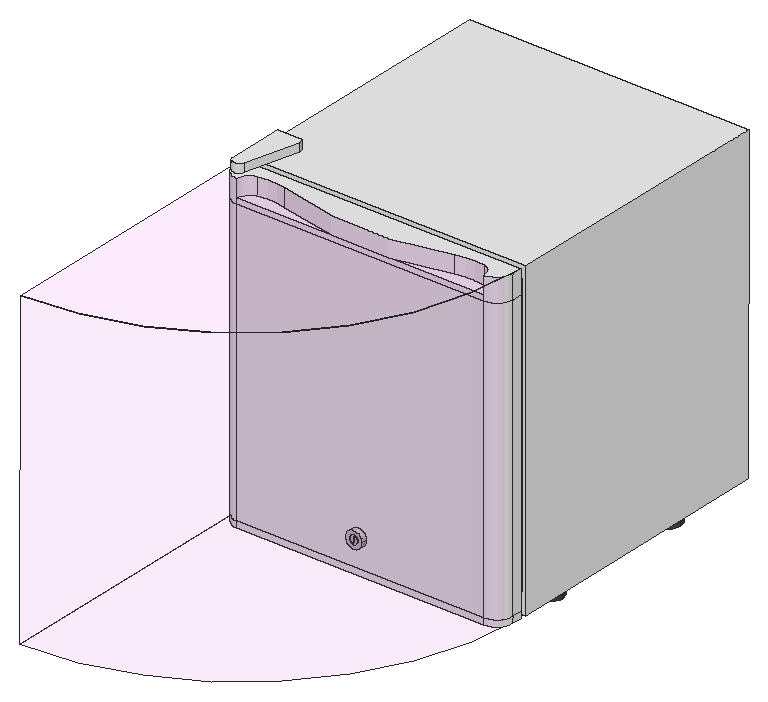
Revit family "QF_Summit_FFAR25L7_Compact_All_Refrigerator", category Specialty Equipment, Revit 2020
Family settings
  Round Connector Dimension = Use Diameter
  Part Type = Normal
  Work Plane-Based = No
  Always vertical = Yes
  Cut with Voids When Loaded = No
  Shared = No
  Room Calculation Point = No
Parameters
  Weight in Pounds = 55
  Watts = Volts * FL Amps  # 149.5 W
  Volts = 115 V
  URL Cutsheet = ""
  Specification by User = ""
  Specification by Manufacturer = ""
  Show RHD [instance] = not(Show LHD)  # yes
  Show LHD [instance] = no
  Show Clearance [instance] = yes
  Serial Number = ""
  Seismic Rating = ""
  SMACNA No = ""
  Revision Code = ""
  Refrigerant Volume = 0.00 kip
  Refrigerant Type = "R600a"
  Phase = 1
  Number of Poles = 1
  NAFEM Spec ID Number = ""
  Model = "FFAR25L7"
  Min Ckt Ampacity = 0 A
  Max Overcurrent Protection = 0 A
  Masterspec = ""
  Manufacturer = "Summit"
  Length = 17"
  Item Number = ""
  Installed By = ""
  Identify Quantity as Lot = yes
  Height = 20 1/4"
  HP = ""
  Furnished By = ""
  Foodservice Equipment Identifier = yes
  FL Amps = 1.3 A
  Electrical Remarks = ""
  Electric Connection Type = ""
  Elec Conn RI Height = 0"
  Elec Conn Connection Height = 0"
  Description = "Compact All Refrigerator"
  Depth = 19.13"
  Default Elevation = 0"
  Cycle = 60 Hz
  Conn Plug = ""
  Conn Conduit = yes
  CSI MasterFormat = ""
  BTUH = 0.0 Btu/h
  Apparent Power = 0 VA
Reference planes (in)
  plane 1 "BACK": y = 0
  plane 2: z = 0
  plane 3 "LEFT": x = 0
  plane 4 "RIGHT": x = 17
  plane 5 "FRONT": y = -19.13
  plane 6 "TOP": z = 20.25
  plane 7 "Center Y": x = 8.5
  plane 8 "Center X": y = -9.565
Dimensions and locks (in)
  equal spacing: plane 3 "LEFT", plane 7 "Center Y", plane 4 "RIGHT"
  "Length": plane 3 "LEFT" to plane 4 "RIGHT"
  equal spacing: plane 5 "FRONT", plane 8 "Center X", plane 1 "BACK"
  "Depth": plane 5 "FRONT" to plane 1 "BACK"
  "Height": plane 6 "TOP" to level
  aligned and locked: level to plane 2
Nested families (in)
  nested 1: "FFAR25L7" at (0, 0, 0), Show Clearance <- "Show Clearance", Show LHD <- "Show LHD", Show RHD <- "Show RHD", type "FFAR25L7"
    with Show RHD yes, Show LHD no, Show Clearance yes
Connectors (in)
  electrical at (8.5, 0.03125, 2.79411), driven by "Volts", driven by "Watts"
    settings: on nested 1, index 1, voltage 115 V, apparent load 149.5 VA, apparent load phase1 0 VA, apparent load phase2 0 VA, apparent load phase3 0 VA, power factor 1, load classification "Other", number of poles 1, system type 30, power factor state 1, is connector primary yes, connector utility no, sub classification motor no, connector description "ELECTRICAL CONNECTION"
Definition of nested family "FFAR25L7"
  Parameters (values of type "FFAR25L7")
    Weight in Pounds = 0
    URL Cutsheet = ""
    Specification by User = ""
    Specification by Manufacturer = ""
    Show RHD [instance] = yes
    Show LHD [instance] = yes
    Show Clearance [instance] = yes
    Serial Number = ""
    Seismic Rating = ""
    SMACNA No = ""
    Revision Code = ""
    NAFEM Spec ID Number = ""
    Masterspec = ""
    Length = 17"
    Item Number = ""
    Installed By = ""
    Identify Quantity as Lot = yes
    Height = 20 1/4"
    Furnished By = ""
    Foodservice Equipment Identifier = yes
    Depth = 17"
    Default Elevation = 0"
    CSI MasterFormat = ""
  Reference planes (in)
    plane 1 "BACK": y = 0
    plane 2: z = 0
    plane 3 "LEFT": x = 0
    plane 4 "RIGHT": x = 17
    plane 5 "FRONT": y = -17
    plane 6 "TOP": z = 20.25
    plane 7 "Center Y": x = 8.5
    plane 8 "Center X": y = -8.5
    plane 9: z = 20.75
    plane 10: y = -19.125
    plane 11: y = -34.25
    plane 12: z = 1.1607
  Forms (in)
    Extrusion 1, solid
      sketch origin (-1.96318, -180, 1.1607) x (-1, 0, 0) y (0, -1, 0)
        loop
          line (-1.96318, -180) -> (-1.96318, -163) -> (-18.96318, -163) -> (-18.96318, -180) -> (-1.96318, -180)
      from 0 to 19.0893
    Extrusion 2, solid
      sketch origin (-1.96318, -180, 2.37945) x (-1, 0, 0) y (0, -1, 0)
        loop
          line (-2.15789, -163) -> (-2.15789, -162.64311) -> (-18.76848, -162.64311) -> (-18.76848, -163) -> (-2.15789, -163)
      from 0 to 17.11934
    Extrusion 3, solid
      sketch origin (-1.96318, -180, 1.1607) x (0, -1, 0) y (-1, 0, 0)
        loop
          line (-162.64311, -1.96318) -> (-162.64311, -18.96318) -> (-162.05253, -18.96318)
          arc (-162.05253, -18.96318) -> (-161.36235, -18.68683) -> (-161.05365, -18.0105) r 1
          arc (-161.05365, -18.0105) -> (-160.875, -10.46318) -> (-161.05365, -2.91587) r 159.51291
          arc (-161.05365, -2.91587) -> (-161.36235, -2.23954) -> (-162.05253, -1.96318) r 1
          line (-162.05253, -1.96318) -> (-162.64311, -1.96318)
      from 0 to -0.38155
    Extrusion 4, solid
      sketch origin (-1.96318, -180, 1.54224) x (0, -1, 0) y (1, 0, 0)
        loop
          line (-162.64311, 1.96318) -> (-162.05253, 1.96318)
          arc (-162.05253, 1.96318) -> (-161.36235, 2.23954) -> (-161.05365, 2.91587) r 1
          arc (-161.05365, 2.91587) -> (-160.875, 10.46318) -> (-161.05365, 18.0105) r 159.51291
          arc (-161.05365, 18.0105) -> (-161.36235, 18.68683) -> (-162.05253, 18.96318) r 1
          line (-162.05253, 18.96318) -> (-162.64311, 18.96318) -> (-162.64311, 1.96318)
      from 0 to 17.30619
    Extrusion 5, solid
      sketch origin (-1.96318, -180, 18.84843) x (0, -1, 0) y (1, 0, 0)
        loop
          line (-162.64311, 1.96318) -> (-162.05253, 1.96318)
          arc (-162.05253, 1.96318) -> (-161.36235, 2.23954) -> (-161.05365, 2.91587) r 1
          arc (-161.05365, 2.91587) -> (-160.875, 10.46318) -> (-161.05365, 18.0105) r 159.51291
          arc (-161.05365, 18.0105) -> (-161.36235, 18.68683) -> (-162.05253, 18.96318) r 1
          line (-162.05253, 18.96318) -> (-162.64311, 18.96318) -> (-162.64311, 1.96318)
      from 0 to 1.40157
    Extrusion 6, void
      sketch origin (-1.96318, -180, 20.25) x (1, 0, 0) y (0, -1, 0)
        loop
          arc (2.91587, -161.05365) -> (3.10621, -161.54664) -> (3.55866, -161.81969) r 0.81619
          arc (3.55866, -161.81969) -> (4.4217, -161.893) -> (5.27501, -161.7444) r 3.37755
          arc (5.27501, -161.7444) -> (10.46318, -160.95765) -> (15.65136, -161.7444) r 17.5
          arc (15.65136, -161.7444) -> (16.50467, -161.893) -> (17.36771, -161.81969) r 3.37755
          arc (17.36771, -161.81969) -> (17.82016, -161.54664) -> (18.0105, -161.05365) r 0.81619
          line (18.0105, -161.05365) -> (18.0105, -160.55365) -> (2.91587, -160.55365) -> (2.91587, -161.05365)
      from 0 to 1.05569
    Extrusion 7, solid
      sketch origin (0, -17, 0) x (1, 0, 0) y (0, 0, 1)
        loop
          circle (8.5, 3.38429) r 0.5
        loop
          circle (8.5, 3.38429) r 0.25
      from 1.94635 to 2.44324
    Extrusion 8, solid
      sketch origin (-6.46255, -19.125, 48) x (-1, 0, 0) y (0, 0, 1)
        loop
          circle (-14.96255, -44.61571) r 0.25
        loop
          line (-14.93419, -44.42116) -> (-14.99166, -44.42116) -> (-14.99166, -44.80909) -> (-14.93419, -44.80909) -> (-14.93419, -44.42116)
      from 0 to -0.31824
    Extrusion 9, solid, visible <- "Show LHD"
      sketch origin (-1.96318, -180, 20.25) x (0, -1, 0) y (1, 0, 0)
        loop
          arc (-165.25922, 17.53629) -> (-165.1627, 17.33895) -> (-164.94767, 17.29399) r 0.25
          line (-164.94767, 17.29399) -> (-161.75679, 18.10455)
          arc (-161.75679, 18.10455) -> (-161.46705, 18.52914) -> (-161.85241, 18.86931) r 0.38836
          line (-161.85241, 18.86931) -> (-165.25922, 18.86931) -> (-165.25922, 17.53629)
      from 0 to 0.5
    Extrusion 10, solid, visible <- "Show LHD"
      sketch origin (-1.96318, -180, 1.1607) x (1, 0, 0) y (0, -1, 0)
        loop
          line (1.96362, -162.64309) -> (18.96338, -162.64309) -> (18.96338, -145.75236)
          arc (18.96338, -145.75236) -> (6.98122, -150.69297) -> (1.96362, -162.64309) r 17.00011
      from 0 to -19.0893
    Extrusion 11, solid
      sketch origin (0, 0, 1.1607) x (1, 0, 0) y (0, 0, -1)
        loop
          circle (8.5, -1.63341) r 0.25
      from 0 to 0.03125
    Revolve 12, solid
      sketch origin (-240, -13, 7.84766) x (0, 0, 1) y (-1, 0, 0)
        loop
          line (-6.68697, -241.60193) -> (-7.84766, -241.60193) -> (-7.84766, -242.26911) -> (-6.84766, -242.26911) -> (-6.84766, -241.85299) -> (-6.68697, -241.85299) -> (-6.68697, -241.60193)
        axis (-7.84766, -241.60193) -> (-6.68697, -241.60193)
      angle from 0 to 360
    Revolve 13, solid
      sketch origin (-240, -13, 7.84766) x (0, 0, 1) y (-1, 0, 0)
        loop
          line (-6.68697, -255.39807) -> (-6.68697, -255.14701) -> (-6.84766, -255.14701) -> (-6.84766, -254.73089) -> (-7.84766, -254.73089) -> (-7.84766, -255.39807) -> (-6.68697, -255.39807)
        axis (-7.84766, -255.39807) -> (-6.68697, -255.39807)
      angle from 0 to 360
    Revolve 14, solid
      sketch origin (-240, -4, 7.84766) x (0, 0, 1) y (1, 0, 0)
        loop
          line (-6.68697, 241.60193) -> (-6.68697, 241.85299) -> (-6.84766, 241.85299) -> (-6.84766, 242.26911) -> (-7.84766, 242.26911) -> (-7.84766, 241.60193) -> (-6.68697, 241.60193)
        axis (-7.84766, 241.60193) -> (-6.68697, 241.60193)
      angle from 0 to 360
    Revolve 15, solid
      sketch origin (-240, -4, 7.84766) x (0, 0, 1) y (1, 0, 0)
        loop
          line (-6.68697, 255.39807) -> (-7.84766, 255.39807) -> (-7.84766, 254.73089) -> (-6.84766, 254.73089) -> (-6.84766, 255.14701) -> (-6.68697, 255.14701) -> (-6.68697, 255.39807)
        axis (-7.84766, 255.39807) -> (-6.68697, 255.39807)
      angle from 0 to 360
    Extrusion 16, solid, visible <- "Show RHD"
      sketch origin (18.96318, -180, 1.1607) x (1, 0, 0) y (0, -1, 0)
        loop
          arc (-1.96362, -162.64309) -> (-6.98122, -150.69297) -> (-18.96338, -145.75236) r 17.00011
          line (-18.96338, -145.75236) -> (-18.96338, -162.64309) -> (-1.96362, -162.64309)
      from 0 to -19.0893
    Extrusion 17, solid, visible <- "Show RHD"
      sketch origin (18.96318, -180, 20.25) x (0, -1, 0) y (1, 0, 0)
        loop
          line (-165.25922, -17.53629) -> (-165.25922, -18.86931) -> (-161.85241, -18.86931)
          arc (-161.85241, -18.86931) -> (-161.46705, -18.52914) -> (-161.75679, -18.10455) r 0.38836
          line (-161.75679, -18.10455) -> (-164.94767, -17.29399)
          arc (-164.94767, -17.29399) -> (-165.1627, -17.33895) -> (-165.25922, -17.53629) r 0.25
      from 0 to 0.5
  Cuts and joins
    Extrusion 6 cuts Extrusion 3
    Extrusion 6 cuts Extrusion 4
    joined: Extrusion 4, Extrusion 7
    Extrusion 6 cuts Extrusion 5
  Lines and regions (in)
    symbolic lines
      curve 1: line (0, 0, 0) -> (17, 0, 0)
      curve 2: line (0, -17, 0) -> (0, 0, 0)
      curve 3: line (17, -17, 0) -> (16.90613, -17, 0)
      curve 4: line (17, 0, 0) -> (17, -17, 0)
      curve 11: line (17, -17.35691, 0) -> (16.90613, -17.35691, 0)
      curve 12: arc (0, -17.94747, 0) -> (0.27636, -18.63765, 0) -> (0.95269, -18.94635, 0) r 1
      curve 13: arc (0.95269, -18.94635, 0) -> (8.5, -19.125, 0) -> (16.04731, -18.94635, 0) r 159.51291
      curve 14: arc (0.95269, -18.94635, 0) -> (1.14302, -18.45336, 0) -> (1.59547, -18.18031, 0) r 0.81619
      curve 15: arc (1.59547, -18.18031, 0) -> (2.45852, -18.107, 0) -> (3.31183, -18.2556, 0) r 3.37755
      curve 16: arc (3.31183, -18.2556, 0) -> (8.5, -19.04235, 0) -> (13.68817, -18.2556, 0) r 17.5
      curve 17: arc (13.68817, -18.2556, 0) -> (14.54148, -18.107, 0) -> (15.40453, -18.18031, 0) r 3.37755
      curve 18: arc (15.40453, -18.18031, 0) -> (15.85698, -18.45336, 0) -> (16.04731, -18.94635, 0) r 0.81619
      curve 19: arc (16.04731, -18.94635, 0) -> (16.72364, -18.63765, 0) -> (17, -17.94747, 0) r 1
      curve 20: line (17, -17.94747, 0) -> (17, -17.35691, 0)
      curve 21: line (0, -17.35691, 0) -> (0, -17.94747, 0)
    symbolic lines, visible <- "Show LHD"
      curve 5: line (15.82556, -17, 0) -> (0, -17, 0)
      curve 6: line (15.3308, -15.05233, 0) -> (16.14137, -18.24321, 0)
      curve 7: arc (16.14137, -18.24321, 0) -> (16.56595, -18.53295, 0) -> (16.90613, -18.14759, 0) r 0.38836
      curve 8: line (16.90613, -18.14759, 0) -> (16.90613, -14.74078, 0)
      curve 9: line (16.90613, -14.74078, 0) -> (15.57311, -14.74078, 0)
      curve 10: arc (15.57311, -14.74078, 0) -> (15.37576, -14.8373, 0) -> (15.3308, -15.05233, 0) r 0.25
      curve 22: line (0.19471, -17, 0) -> (0.19471, -17.35691, 0)
      curve 23: line (15.91623, -17.35691, 0) -> (0, -17.35691, 0)
      curve 24: arc (2.32521, -25.8294, 0) -> (0.60605, -21.74593, 0) -> (0.00044, -17.35691, 0) r 17.00011
      curve 25: line (17, -17.35691, 0) -> (2.32521, -25.8294, 0)
    symbolic lines, visible <- "Show RHD"
      curve 26: line (1.6692, -15.05233, 0) -> (0.85863, -18.24321, 0)
      curve 27: arc (0.85863, -18.24321, 0) -> (0.43405, -18.53295, 0) -> (0.09387, -18.14759, 0) r 0.38836
      curve 28: line (0.09387, -18.14759, 0) -> (0.09387, -14.74078, 0)
      curve 29: line (0.09387, -14.74078, 0) -> (1.42689, -14.74078, 0)
      curve 30: arc (1.42689, -14.74078, 0) -> (1.62424, -14.8373, 0) -> (1.6692, -15.05233, 0) r 0.25
      curve 31: arc (14.67479, -25.8294, 0) -> (16.39395, -21.74593, 0) -> (16.99956, -17.35691, 0) r 17.00011
      curve 32: line (0, -17.35691, 0) -> (14.67479, -25.8294, 0)
      curve 33: line (1.17444, -17, 0) -> (17, -17, 0)
      curve 34: line (16.80529, -17, 0) -> (16.80529, -17.35691, 0)
      curve 35: line (1.08377, -17.35691, 0) -> (17, -17.35691, 0)
  Dimensions and locks (in)
    equal spacing: plane 3 "LEFT", plane 7 "Center Y", plane 4 "RIGHT"
    "Length": plane 3 "LEFT" to plane 4 "RIGHT"
    equal spacing: plane 5 "FRONT", plane 8 "Center X", plane 1 "BACK"
    "Depth": plane 5 "FRONT" to plane 1 "BACK"
    "Height": plane 6 "TOP" to level
    plane 9 to plane 6 "TOP" = 1/2"
    plane 1 "BACK" to plane 10 = 19 1/8"
    plane 1 "BACK" to plane 11 = 34 1/4"
    aligned and locked: level to plane 2
  Automatic sketch dimensions
    curve 21 to plane 3 "LEFT" = 0"
    curve 2 to plane 3 "LEFT" = 0"
    plane 5 "FRONT" to curve 22 = 0"
    plane 5 "FRONT" to curve 33 = 0"
    curve 16 to plane 7 "Center Y" = 0"
    curve 13 to plane 7 "Center Y" = 0"
    curve 20 to plane 4 "RIGHT" = 0"
    curve 4 to plane 4 "RIGHT" = 0"
    plane 1 "BACK" to curve 1 = 0"
    curve 31 to plane 3 "LEFT" = 0.00019"
    plane 3 "LEFT" to curve 28 = 0.09387"
    curve 28 to curve 27 = 0.38836"
    curve 27 to curve 26 = 0.3764"
    curve 26 to curve 12 = 0.14137"
    curve 28 to curve 30 = 1.33302"
    curve 30 to curve 26 = 0.2423"
    plane 10 to curve 14 = 0.14701"
    curve 26 to curve 14 = 0.90963"
    plane 3 "LEFT" to curve 15 = 2.31049"
    plane 3 "LEFT" to curve 25 = 2.32521"
    plane 4 "RIGHT" to curve 32 = 2.32521"
    plane 4 "RIGHT" to curve 17 = 2.31049"
    plane 10 to curve 18 = 0.14701"
    plane 4 "RIGHT" to curve 18 = 1.76826"
    plane 4 "RIGHT" to curve 6 = 1.6692"
    curve 10 to curve 9 = 0.2423"
    curve 19 to curve 20 = 1"
    curve 19 to curve 6 = 0.14137"
    curve 7 to curve 7 = 0.3764"
    plane 4 "RIGHT" to curve 9 = 0.09387"
    curve 24 to plane 4 "RIGHT" = 0.00019"
    curve 17 to plane 10 = 2.35631"
    curve 15 to plane 10 = 2.35631"
    curve 25 to curve 15 = 4.3481"
    curve 32 to curve 17 = 4.3481"
    plane 10 to curve 26 = 0.88179"
    plane 10 to curve 6 = 0.88179"
    curve 27 to curve 21 = 0.20012"
    plane 5 "FRONT" to curve 32 = 0.35691"
    plane 5 "FRONT" to curve 35 = 0.35691"
    curve 11 to curve 24 = 7/64"
    curve 21 to curve 31 = 7/64"
    curve 26 to plane 5 "FRONT" = 1.94767"
    curve 6 to plane 5 "FRONT" = 1.94767"
    curve 10 to curve 10 = 0.06155"
    curve 30 to curve 30 = 0.06155"
    plane 1 "BACK" to curve 16 = 1.54235"
    curve 13 to plane 1 "BACK" = 140.38791"
    curve 24 to curve 22 = 0.19427"
    curve 15 to curve 14 = 0"
    curve 16 to curve 15 = 0"
    curve 17 to curve 16 = 0"
    curve 34 to curve 3 = 0.10083"
    plane 1 "BACK" to Extrusion 1 sketch curve = 0"
    Extrusion 1 sketch curve to plane 4 "RIGHT" = 0"
    Extrusion 1 sketch curve to plane 3 "LEFT" = 0"
    plane 5 "FRONT" to Extrusion 1 sketch curve = 0"
    plane 5 "FRONT" to Extrusion 2 sketch curve = 0"
    plane 4 "RIGHT" to Extrusion 2 sketch curve = 0.19471"
    plane 3 "LEFT" to Extrusion 2 sketch curve = 0.19471"
    plane 5 "FRONT" to Extrusion 2 sketch curve = 0.35689"
    Extrusion 3 sketch curve to Extrusion 1 = 0"  (x2)
    Extrusion 1 to Extrusion 3 sketch curve = 8 1/2"
    Extrusion 3 sketch curve to Extrusion 1 = 140.38791"
    Extrusion 3 sketch curve to Extrusion 1 = 0.35689"
    Extrusion 3 sketch curve to Extrusion 3 sketch curve = 0.59058"  (x2)
    Extrusion 1 to Extrusion 3 sketch curve = 1"
    Extrusion 3 sketch curve to Extrusion 3 sketch curve = 1"
    Extrusion 3 sketch curve to Extrusion 3 sketch curve = 0"
    Extrusion 4 sketch curve to Extrusion 3 = 0"
    Extrusion 5 sketch curve to Extrusion 4 = 0"
    Extrusion 6 sketch curve to Extrusion 5 = 0.95269"
    Extrusion 6 sketch curve to Extrusion 6 sketch curve = 0.81557"  (x2)
    Extrusion 6 sketch curve to Extrusion 5 = 2.31049"  (x2)
    Extrusion 6 sketch curve to Extrusion 5 = 8 1/2"
    Extrusion 6 sketch curve to Extrusion 5 = 1.76826"
    Extrusion 6 sketch curve to Extrusion 5 = 4.12441"  (x2)
    Extrusion 6 sketch curve to Extrusion 5 = 2.08946"
    Extrusion 6 sketch curve to Extrusion 6 sketch curve = 0.46836"  (x2)
    Extrusion 6 sketch curve to Extrusion 6 sketch curve = 1/2"  (x2)
    Extrusion 5 to Extrusion 6 sketch curve = 15.81455"
    Extrusion 6 sketch curve to Extrusion 6 sketch curve = 0"  (x3)
    Extrusion 7 sketch curve to Extrusion 7 sketch curve = 0"  (x2)
    Extrusion 7 sketch curve to plane 7 "Center Y" = 0"
    plane 12 to Extrusion 7 sketch curve = 2.22359"
    Extrusion 8 sketch curve to Extrusion 8 sketch curve = 0"  (x2)
    Extrusion 8 sketch curve to plane 7 "Center Y" = 0"
    plane 7 "Center Y" to Extrusion 8 sketch curve = 0.02911"
    Extrusion 8 sketch curve to plane 7 "Center Y" = 0.02836"
    plane 12 to Extrusion 8 sketch curve = 2.03021"
    Extrusion 8 sketch curve to Extrusion 8 sketch curve = 0.19338"
    Extrusion 8 sketch curve to Extrusion 8 sketch curve = 0.19455"
    plane 7 "Center Y" to Extrusion 8 sketch curve = 1/4"
    Extrusion 9 sketch curve to Extrusion 5 = 0.09387"
    Extrusion 5 to Extrusion 9 sketch curve = 2.61611"
    Extrusion 9 sketch curve to Extrusion 9 sketch curve = 1/4"
    Extrusion 9 sketch curve to Extrusion 9 sketch curve = 0.06155"
    Extrusion 9 sketch curve to Extrusion 5 = 0.7907"
    Extrusion 9 sketch curve to Extrusion 9 sketch curve = 0.09562"
    Extrusion 9 sketch curve to Extrusion 9 sketch curve = 0.38836"
    Extrusion 9 sketch curve to Extrusion 9 sketch curve = 1.33302"
    Extrusion 3 to Extrusion 10 sketch curve = 0"
    Extrusion 3 to Extrusion 10 sketch curve = 0.00044"
    Extrusion 10 sketch curve to Extrusion 3 = 0.00019"
    Extrusion 10 sketch curve to Extrusion 10 sketch curve = 16.89073"
    Extrusion 1 to Extrusion 11 sketch curve = 1.63341"
    Extrusion 11 sketch curve to Extrusion 1 = 8 1/2"
    Revolve 12 sketch curve to level = 0"  (x2)
    Revolve 12 sketch curve to plane 12 = 0"
    Revolve 12 sketch curve to Revolve 12 sketch curve = 0.1607"
    plane 3 "LEFT" to Revolve 12 sketch curve = 2.26911"
    Revolve 12 sketch curve to Revolve 12 sketch curve = 0.41611"
    Revolve 12 sketch curve to Revolve 12 sketch curve = 0.66718"
    Revolve 12 sketch curve to Revolve 12 sketch curve = 1/2"
    Revolve 12 sketch curve to Revolve 12 sketch curve = 0"
    Revolve 13 sketch curve to level = 0"  (x2)
    Revolve 13 sketch curve to plane 12 = 0"
    Revolve 13 sketch curve to plane 12 = 0.1607"
    plane 4 "RIGHT" to Revolve 13 sketch curve = 1.60193"
    Revolve 13 sketch curve to Revolve 13 sketch curve = 0.25107"
    Revolve 13 sketch curve to Revolve 13 sketch curve = 0.66718"
    Revolve 13 sketch curve to Revolve 13 sketch curve = 1/2"
    Revolve 13 sketch curve to Revolve 13 sketch curve = 0"
    Revolve 14 sketch curve to level = 0"  (x2)
    Revolve 14 sketch curve to plane 12 = 0"
    Revolve 14 sketch curve to Revolve 14 sketch curve = 0.1607"
    plane 3 "LEFT" to Revolve 14 sketch curve = 1.60193"
    Revolve 14 sketch curve to Revolve 14 sketch curve = 0.25107"
    Revolve 14 sketch curve to Revolve 14 sketch curve = 0.66718"
    Revolve 14 sketch curve to Revolve 14 sketch curve = 1/2"
    Revolve 14 sketch curve to Revolve 14 sketch curve = 0"
    Revolve 15 sketch curve to level = 0"  (x2)
    Revolve 15 sketch curve to plane 12 = 0"
    Revolve 15 sketch curve to plane 12 = 0.1607"
    plane 4 "RIGHT" to Revolve 15 sketch curve = 2.26911"
    Revolve 15 sketch curve to Revolve 15 sketch curve = 0.41611"
    Revolve 15 sketch curve to Revolve 15 sketch curve = 0.66718"
    Revolve 15 sketch curve to Revolve 15 sketch curve = 1/2"
    Revolve 15 sketch curve to Revolve 15 sketch curve = 0"
    Extrusion 16 sketch curve to Extrusion 3 = 0.00019"
    Extrusion 3 to Extrusion 16 sketch curve = 0"
    Extrusion 3 to Extrusion 16 sketch curve = 0.00044"
    Extrusion 16 sketch curve to Extrusion 16 sketch curve = 16.89073"
    Extrusion 17 sketch curve to Extrusion 5 = 0.09387"
    Extrusion 5 to Extrusion 17 sketch curve = 2.61611"
    Extrusion 17 sketch curve to Extrusion 17 sketch curve = 1/4"
    Extrusion 17 sketch curve to Extrusion 17 sketch curve = 0.06155"
    Extrusion 17 sketch curve to Extrusion 5 = 0.7907"
    Extrusion 17 sketch curve to Extrusion 17 sketch curve = 0.09562"
    Extrusion 17 sketch curve to Extrusion 17 sketch curve = 0.38836"
    Extrusion 17 sketch curve to Extrusion 17 sketch curve = 1.33302"
    radius of Extrusion 4 sketch curve to Extrusion 3 = 0"  (x3)
    radius of Extrusion 5 sketch curve to Extrusion 4 = 0"  (x3)
    radius of Extrusion 7 sketch curve = 1/2"
    radius of Extrusion 7 sketch curve = 1/4"
    radius of Extrusion 11 sketch curve = 1/4"
